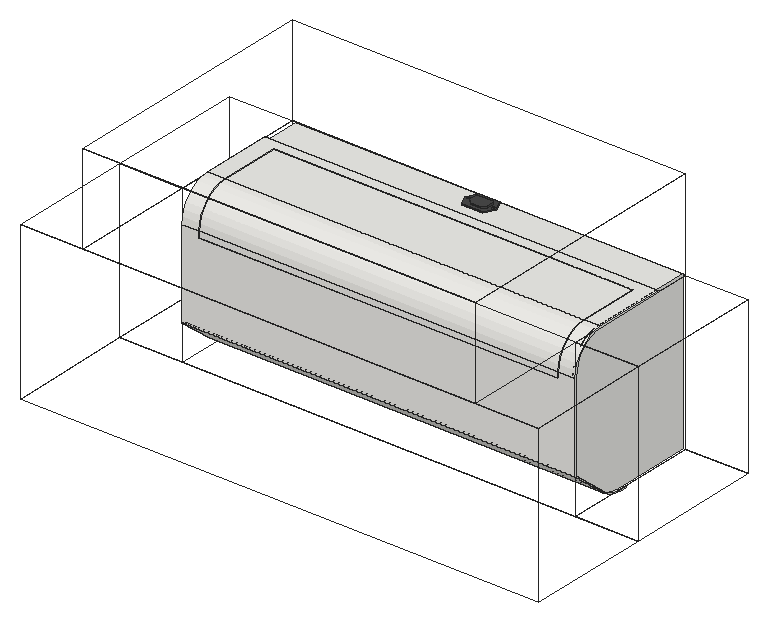
Revit family "191216_01_AIRTECNICS_AIR CURTAIN_COMPACT FLY_AIR ONLY (A)", category Mechanical Equipment, Revit 2016
Family settings
  Part Type = Normal
  Round Connector Dimension = Use Diameter
  OmniClass Number = 23.75.70.21.17
  OmniClass Title = Air Curtains
  Work Plane-Based = No
  Always vertical = Yes
  Cut with Voids When Loaded = No
  Shared = No
  Room Calculation Point = No
Parameters (values of type "COMPACT FLY 600 A")
  · POSITION · [instance] = "-/ Select Curtain Position /-"  # constant formula
  · OTHERS · [instance] = "-/ Select Supports - Inst.Maint. Space /-"  # constant formula
  · HEATING · = "-/ Select Heating /-"  # constant formula
  Weight [instance] = size_lookup(Name_Lookup_Data, "Weight", 1.00 kg, COD)  # 13.00 kg
  Wall Supports (Horizontal) [instance] = 1 = 1  # yes
  Voltage [instance] = 230 V  # constant formula
  URL_Manufacturer = "https://www.airtecnics.com/"
  URL_Datasheet = "https://www.airtecnics.com/download/file/8497/compact-fly.pdf"
  Revit Version = "Revit 2016 - English"  # constant formula
  Review Date = "12/19"  # constant formula
  URL = "https://www.airtecnics.com/products/air-curtain-compact-fly"
  Product Size = if(L = 600.0 mm, "600", if(L = 900.0 mm, "900", "Consult Manufacturer"))  # "600"
  Product Reference [instance] = if(L = 600.0 mm, "COMPACT FLY 600 A", if(L = 900.0 mm, "COMPACT FLY 900 A", "Consult Manufacturer"))  # "COMPACT FLY 600 A"
  Product Heating [instance] = "Only Air"  # constant formula
  Product Description [instance] = size_lookup(Name_Lookup_Data, "", "Consult Manufacturer", COD)  # "Specially designed for insects control at windows such as food establishments and industry, tollbooth and kiosks.\r\nHigh velocity air barrier to prevent flying insects from entering a building.\r\nValid for service windows according to NSF 37 standard.\r\nSelf-supporting casing construction made of galvanized steel plate, finished in structural epoxy-polyester painting white colour RAL9016 as standard. Other colours or stainless steel are available on request. \r\nLarge faceted inlet grille avoiding intensive maintenance. \r\nAnodized aluminium outlet vanes, airfoil shaped, adjustable in both directions.\r\nDouble-inlet centrifugal fans driven by an external rotor motor and low noise level. 2-speed selector (confort mode and fly mode). \r\n“A” type without heating, air only. \r\nIncluded regulation with infrared remote control and inbuilt keypad with leds.\r\nAir Volume: 1150 m3/h \r\nFans:  0,318 kW  1,43 A 230Vx1 50Hz\r\nDimensions: 220x250x600 mm (depth, height, length)"
  Power Fans Factor [instance] = 0.97  # constant formula
  Power Fans [instance] = size_lookup(Name_Lookup_Data, "Power Fans", 1 kW, COD)  # 0.318 kW
  Noise Level (dB(A)) [instance] = size_lookup(Name_Lookup_Data, "Noise Level (dB(A))", 1, COD)  # 67
  Name_Lookup_Data = "COMPACT FLY_(A)_Data_Lookup"  # constant formula
  Model = "Air Curtain Compact Fly A"  # constant formula
  Material Curtain [instance] = AIRTECNICS_White RAL 9016
  Length = L + 30.0 mm + Depth - Depth  # 630.0 mm
  Height = 250.0 mm  # constant formula
  Frequency = 50 Hz  # constant formula
  Fans Stage = 2  # constant formula
  Family Version = "1.0"  # constant formula
  Depth = 220.0 mm  # constant formula
  Current Fans [instance] = size_lookup(Name_Lookup_Data, "Current Fans", 1 A, COD)  # 1.43 A
  Created by = "BIMETRICAL"  # constant formula
  Control [instance] = "OPTW-BUTTONS"  # constant formula
  COD = 2
  Aspiration/Maintenance Space [instance] = yes
  Apparent Load [instance] = size_lookup(Name_Lookup_Data, "Apparent Load", 1 VA, COD)  # 329 VA
  Airflow [instance] = size_lookup(Name_Lookup_Data, "Airflow", 1 m³/h, COD)  # 1150 m³/h
  L = 600.0 mm
  Type Image = <None>
  IfcExportType = if(A, "CENTRIFUGALFORWARDCURVED", "ELECTRICALHEATINGCOIL")  # "CENTRIFUGALFORWARDCURVED"
  IfcExportAs = "IfcFanType"  # constant formula
  Horizontal [instance] = 1 = 1  # yes
  Manufacturer = "AIRTECNICS"  # constant formula
  Description = ""
  Type Comments = "Specially designed for insects control at windows such as food establishments and industry, tollbooth and kiosks.\r\nHigh velocity air barrier to prevent flying insects from entering a building.\r\nValid for service windows according to NSF 37 standard.\r\nSelf-supporting casing construction made of galvanized steel plate, finished in structural epoxy-polyester painting white colour RAL9016 as standard. Other colours or stainless steel are available on request.\r\nLarge faceted inlet grille avoiding intensive maintenance.\r\nAnodized aluminium outlet vanes, airfoil shaped, adjustable in both directions.\r\nDouble-inlet centrifugal fans driven by an external rotor motor and low noise level. 2-speed selector (confort mode and fly mode).\r\n“A” type without heating, air only.\r\nIncluded regulation with infrared remote control and inbuilt keypad with leds."  # constant formula
  BIMETRICAL Category = "Fan"  # constant formula
  BIMETRICAL = "http://www.bimetrical.com"  # constant formula
  A = 1 = 1  # yes
Types (2, lengths in mm): name | Weight | Product Size | Product Reference | Product Description | Power Fans | Noise Level (dB(A)) | Length | Current Fans | COD | Apparent Load | Airflow | L
  COMPACT FLY 600 A | 13.00 kg | "600" | "COMPACT FLY 600 A" | "Specially designed for insects control at windows such as food establishments and industry, tollbooth and kiosks.\r\nHigh velocity air barrier to prevent flying insects from entering a building.\r\nValid for service windows according to NSF 37 standard.\r\nSelf-supporting casing construction made of galvanized steel plate, finished in structural epoxy-polyester painting white colour RAL9016 as standard. Other colours or stainless steel are available on request. \r\nLarge faceted inlet grille avoiding intensive maintenance. \r\nAnodized aluminium outlet vanes, airfoil shaped, adjustable in both directions.\r\nDouble-inlet centrifugal fans driven by an external rotor motor and low noise level. 2-speed selector (confort mode and fly mode). \r\n“A” type without heating, air only. \r\nIncluded regulation with infrared remote control and inbuilt keypad with leds.\r\nAir Volume: 1150 m3/h \r\nFans:  0,318 kW  1,43 A 230Vx1 50Hz\r\nDimensions: 220x250x600 mm (depth, height, length)" | 0.318 kW | 67 | 630.0 | 1.43 A | 2 | 329 VA | 1150 m³/h | 600.0
  COMPACT FLY 900 A | 18.50 kg | "900" | "COMPACT FLY 900 A" | "Specially designed for insects control at windows such as food establishments and industry, tollbooth and kiosks.\r\nHigh velocity air barrier to prevent flying insects from entering a building.\r\nValid for service windows according to NSF 37 standard.\r\nSelf-supporting casing construction made of galvanized steel plate, finished in structural epoxy-polyester painting white colour RAL9016 as standard. Other colours or stainless steel are available on request. \r\nLarge faceted inlet grille avoiding intensive maintenance. \r\nAnodized aluminium outlet vanes, airfoil shaped, adjustable in both directions.\r\nDouble-inlet centrifugal fans driven by an external rotor motor and low noise level. 2-speed selector (confort mode and fly mode). \r\n“A” type without heating, air only. \r\nIncluded regulation with infrared remote control and inbuilt keypad with leds.\r\nAir Volume: 1725 m3/h \r\nFans:  0,477 kW  2,145 A 230Vx1 50Hz\r\nDimensions: 220x250x900 mm (depth, height, length)" | 0.477 kW | 68 | 930.0 | 2.15 A | 4 | 493 VA | 1725 m³/h | 900.0
Reference planes
  plane 1 "Centro (Frontal/Posterior)": z = 0
  plane 2: y = 246.57
  plane 3 "Centro (Izquierda/Derecha)": x = 0
Dimensions and locks
  aligned and locked: plane 1 "Centro (Frontal/Posterior)" to nested 1
  aligned and locked: plane 3 "Centro (Izquierda/Derecha)" to nested 1
Nested families
  nested 1: "GEOM_COMPACT FLY_(A)" at (0, 246.57, 0), type "GEOM_COMPACT FLY_(A)"
Connectors
  electrical at (0, 230.436, 253), driven by "Voltage", driven by "Apparent Load", driven by "Power Fans Factor"
    settings: on nested 1, index 3, voltage 230 V, apparent load 329 VA, apparent load phase1 0 VA, apparent load phase2 0 VA, apparent load phase3 0 VA, power factor 0.97, load classification "HVAC", number of poles 1, system type 30, power factor state 1, is connector primary yes, connector utility no, sub classification motor no, connector description ""
Definition of nested family "GEOM_COMPACT FLY_(A)"
  Parameters (values of type "GEOM_COMPACT FLY_(A)")
    Revit Version = "Revit 2016 - English"  # constant formula
    Review Date = "12/19"  # constant formula
    Model = "COMPACT FLY"  # constant formula
    Material Curtain = none
    Manufacturer = "AIRTECNICS"  # constant formula
    Li1 = 290.7 mm  # constant formula
    L1 = L + 30.0 mm  # 630.0 mm
    L = 600.0 mm
    Family Version = "1.0"  # constant formula
    Created by = "BIMETRICAL"  # constant formula
    BIMETRICAL = "http://www.bimetrical.com/"  # constant formula
    Aspiration/Maintenance Space = yes
  Reference planes
    plane 1 "Centro (Frontal/Posterior)": y = 0
    plane 2: z = 0
    plane 3 "Centro (Izquierda/Derecha)": x = 0
    plane 4: y = -80
    plane 5: x = -315
    plane 6: x = 315
    plane 7: x = -310
    plane 8: x = 310
    plane 9: x = -277
    plane 10: x = 277
    plane 11: x = 290
    plane 12: x = -290
    plane 13: x = -415
    plane 14: y = -220
    plane 15: y = -420
    plane 16: x = 415
    plane 17: z = 149.997
    plane 18: z = 350.008
    plane 19: z = 250
    plane 20: x = -287.5
    plane 21: x = 287.5
    plane 22: x = 277
    plane 23: z = 177
    plane 24: z = 47
    plane 25: x = -277
    plane 26: y = -5
  Forms (mm)
    Extrusion 1, solid, material <- "Material Curtain"
      sketch origin (-315, 426.698, 1300) x (0, 1, 0) y (0, 0, 1)
        loop
          line (-646.698, -1240.899) -> (-590.484, -1288.068)
          arc (-590.484, -1288.068) -> (-575.145, -1296.924) -> (-557.702, -1300) r 51
          line (-557.702, -1300) -> (-426.698, -1300) -> (-426.698, -1050) -> (-596.592, -1050)
          arc (-596.592, -1050) -> (-632.075, -1065.247) -> (-646.698, -1100.993) r 51
          line (-646.698, -1100.993) -> (-646.698, -1240.899)
      from 5 to 625
    Extrusion 2, solid, material <- "Material Curtain"
      sketch origin (-468, 451.073, 1300) x (0, 1, 0) y (0, 0, 1)
        loop
          line (-506.073, -1050) -> (-506.073, -1048.5) -> (-620.98, -1048.5)
          arc (-620.98, -1048.5) -> (-657.516, -1064.191) -> (-672.573, -1100.993) r 52.5
          line (-672.573, -1100.993) -> (-672.573, -1241.598) -> (-615.823, -1289.217)
          arc (-615.823, -1289.217) -> (-600.033, -1298.334) -> (-582.077, -1301.5) r 52.5
          line (-582.077, -1301.5) -> (-572.073, -1301.5) -> (-572.073, -1300) -> (-582.077, -1300)
          arc (-582.077, -1300) -> (-599.52, -1296.924) -> (-614.859, -1288.068) r 51
          line (-614.859, -1288.068) -> (-671.073, -1240.899) -> (-671.073, -1100.993)
          arc (-671.073, -1100.993) -> (-656.45, -1065.247) -> (-620.967, -1050) r 51
          line (-620.967, -1050) -> (-506.073, -1050)
      from 153 to 783
    Extrusion 3, void
      sketch origin (-310, -1564, 445.811) x (0, 0, 1) y (0, -1, 0)
        loop
          line (-407.081, -1493.65) -> (-419.543, -1493.65) -> (-428.262, -1499.298) -> (-445.811, -1499.298) -> (-445.811, -1550.5) -> (-428.317, -1550.5) -> (-418.249, -1555.75) -> (-407.081, -1555.75) -> (-407.081, -1493.65)
      from 20 to 600
    Extrusion 4, solid
      sketch origin (-310, -1524, 447.815) x (0, 0, 1) y (0, -1, 0)
        loop
          line (-423.762, -1492.86) -> (-442.292, -1489.681)
          arc (-442.292, -1489.681) -> (-447.815, -1494.338) -> (-442.292, -1498.995) r 4.725
          line (-442.292, -1498.995) -> (-423.762, -1495.816)
          arc (-423.762, -1495.816) -> (-422.515, -1494.338) -> (-423.762, -1492.86) r 1.5
        loop
          line (-442.292, -1479.113) -> (-423.762, -1475.935)
          arc (-423.762, -1475.935) -> (-422.515, -1474.456) -> (-423.762, -1472.978) r 1.5
          line (-423.762, -1472.978) -> (-442.292, -1469.799)
          arc (-442.292, -1469.799) -> (-447.815, -1474.456) -> (-442.292, -1479.113) r 4.725
      from 20 to 600
    Extrusion 5, solid, material <- "Material Curtain"
      sketch origin (410, -1564, 445.811) x (0, 0, 1) y (0, 1, 0)
        loop
          line (-407.081, 1550.5) -> (-445.811, 1550.5) -> (-445.811, 1499.298) -> (-407.081, 1499.298) -> (-407.081, 1550.5)
      from 120 to 122
    Extrusion 6, solid, material <- "Material Curtain"
      sketch origin (-290, -1564, 445.811) x (0, 0, 1) y (0, -1, 0)
        loop
          line (-407.081, -1550.5) -> (-407.081, -1499.298) -> (-445.811, -1499.298) -> (-445.811, -1550.5) -> (-407.081, -1550.5)
      from 0 to 2
    Extrusion 7, solid, visible <- "Aspiration/Maintenance Space"
      sketch origin (-571.618, -120, 100) x (1, 0, 0) y (0, 0, 1)
        loop
          line (156.618, -100) -> (256.618, -100) -> (256.618, 150) -> (156.618, 150) -> (156.618, -100)
      from -120 to 100
    Extrusion 8, solid, visible <- "Aspiration/Maintenance Space"
      sketch origin (-134.6, -383.477, 585.253) x (1, 0, 0) y (0, 0, 1)
        loop
          line (-280.4, -585.253) -> (549.6, -585.253) -> (549.6, -335.253) -> (-280.4, -335.253) -> (-280.4, -585.253)
      from -163.477 to 36.523
    Extrusion 9, solid, visible <- "Aspiration/Maintenance Space"
      sketch origin (695.518, -143.729, 100) x (1, 0, 0) y (0, 0, 1)
        loop
          line (-380.518, -100) -> (-280.518, -100) -> (-280.518, 150) -> (-380.518, 150) -> (-380.518, -100)
      from -143.729 to 76.271
    Extrusion 10, solid, visible <- "Aspiration/Maintenance Space"
      sketch origin (102.12, -499.179, 237.888) x (1, 0, 0) y (0, 0, 1)
        loop
          line (-417.12, 12.112) -> (212.88, 12.112) -> (212.88, 157.122) -> (-417.12, 157.122) -> (-417.12, 12.112)
      from -499.179 to -79.179
    Extrusion 11, solid
      sketch origin (-468, 451.073, 1300) x (0, 1, 0) y (0, 0, 1)
        loop
          line (-523.073, -1050) -> (-523.073, -1048.5) -> (-620.98, -1048.5)
          arc (-620.98, -1048.5) -> (-657.516, -1064.191) -> (-672.573, -1100.993) r 52.5
          line (-672.573, -1100.993) -> (-672.573, -1110) -> (-671.073, -1110) -> (-671.073, -1100.993)
          arc (-671.073, -1100.993) -> (-656.45, -1065.247) -> (-620.967, -1050) r 51
          line (-620.967, -1050) -> (-523.073, -1050)
      from 180.5 to 755.5
    Extrusion 12, void
      sketch origin (-413, 451.073, 1300) x (0, 1, 0) y (0, 0, 1)
        loop
          line (-523.073, -1050) -> (-523.073, -1048.5) -> (-620.98, -1048.5)
          arc (-620.98, -1048.5) -> (-657.516, -1064.191) -> (-672.573, -1100.993) r 52.5
          line (-672.573, -1100.993) -> (-672.573, -1110) -> (-671.073, -1110) -> (-671.073, -1100.993)
          arc (-671.073, -1100.993) -> (-656.45, -1065.247) -> (-620.967, -1050) r 51
          line (-620.967, -1050) -> (-523.073, -1050)
      from 125.5 to 700.5
    Extrusion 13, solid
      sketch origin (-1204.232, -1524, 100) x (-1, 0, 0) y (0, -1, 0)
        loop
          line (-1187.232, -1524) -> (-1178.23, -1506.998) -> (-1187.232, -1489.995) -> (-1221.231, -1489.995) -> (-1230.233, -1506.998) -> (-1221.231, -1524) -> (-1187.232, -1524)
        loop
          line (-1190.233, -1514.489) -> (-1190.233, -1502.892) -> (-1196.028, -1497.098) -> (-1212.435, -1497.098) -> (-1218.23, -1502.892) -> (-1218.23, -1514.489) -> (-1215.73, -1516.989) -> (-1192.733, -1516.989) -> (-1190.233, -1514.489)
        loop
          circle (-1224.232, -1506.998) r 1.4
        loop
          circle (-1184.232, -1506.998) r 1.4
      from 150 to 151
    Extrusion 14, solid
      sketch origin (-1204.232, -1524, 100) x (-1, 0, 0) y (0, -1, 0)
        loop
          line (-1190.233, -1502.892) -> (-1196.028, -1497.098) -> (-1212.435, -1497.098) -> (-1218.23, -1502.892) -> (-1218.23, -1514.489) -> (-1215.73, -1516.989) -> (-1192.733, -1516.989) -> (-1190.233, -1514.489) -> (-1190.233, -1502.892)
      from 150 to 153
    Extrusion 15, void
      sketch origin (-1804.898, 80, 1200) x (-1, 0, 0) y (0, 0, 1)
        loop
          circle (-2081.898, -1153) r 6.65
        loop
          circle (-2081.898, -1023) r 6.65
        loop
          circle (-1527.898, -1153) r 6.65
        loop
          circle (-1527.898, -1023) r 6.65
      from -85 to -80
    Extrusion 16, solid, material <- "Material Curtain"
      sketch origin (839.685, 1435.762, -3) x (0, 1, 0) y (-1, 0, 0)
        loop
          arc (-1529.763, 860.985) -> (-1530.641, 863.106) -> (-1532.763, 863.985) r 3
          line (-1532.763, 863.985) -> (-1553.763, 863.985)
          arc (-1553.763, 863.985) -> (-1555.884, 863.106) -> (-1556.763, 860.985) r 3
          line (-1556.763, 860.985) -> (-1556.763, 800.461)
          arc (-1556.763, 800.461) -> (-1555.884, 798.34) -> (-1553.763, 797.461) r 3
          line (-1553.763, 797.461) -> (-1532.763, 797.461)
          arc (-1532.763, 797.461) -> (-1530.641, 798.34) -> (-1529.763, 800.461) r 3
          line (-1529.763, 800.461) -> (-1529.763, 860.985)
      from -2 to -3
    Extrusion 17, solid
      sketch origin (-303.285, 1435.762, -2.75) x (0, 1, 0) y (1, 0, 0)
        loop
          line (-1549.615, 304.198) -> (-1549.056, 302.121) -> (-1548.269, 302.061) -> (-1548.098, 304.291) -> (-1549.615, 304.198)
        loop
          line (-1549.234, 301.721) -> (-1551.205, 302.748) -> (-1551.911, 300.772) -> (-1550.773, 301.163) -> (-1549.604, 301.01) -> (-1549.234, 301.721)
        loop
          line (-1549.332, 300.833) -> (-1551.151, 299.014) -> (-1549.077, 298.214) -> (-1549.156, 299.072) -> (-1548.724, 300.226) -> (-1549.332, 300.833)
        loop
          line (-1548.443, 300.46) -> (-1547.444, 298.182) -> (-1545.928, 299.422) -> (-1547.613, 300.773) -> (-1548.443, 300.46)
        loop
          line (-1547.727, 301.159) -> (-1545.538, 301.595) -> (-1546.237, 303.285) -> (-1547.355, 302.2) -> (-1547.727, 301.159)
        loop
          circle (-1540.348, 290.609) r 2.501
        loop
          circle (-1540.348, 301.009) r 2.501
        loop
          circle (-1540.348, 331.243) r 5.8
        loop
          line (-1550.78, 330.84) -> (-1550.78, 331.64) -> (-1554.155, 331.64) -> (-1554.155, 330.84) -> (-1550.78, 330.84)
        loop
          line (-1553.256, 330.401) -> (-1552.456, 330.401)
          arc (-1552.456, 330.401) -> (-1549.201, 331.272) -> (-1552.486, 332.023) r 1.736
          line (-1552.486, 332.023) -> (-1553.276, 332.023)
          arc (-1553.276, 332.023) -> (-1548.47, 331.27) -> (-1553.256, 330.401) r 2.467
        loop
          spline (-1545.924, 290.629) -> (-1545.984, 290.896) -> (-1546.159, 291.145) -> (-1546.439, 291.358) -> (-1546.803, 291.522) -> (-1547.226, 291.625) -> (-1547.681, 291.661) -> (-1548.136, 291.625) -> (-1548.56, 291.522) -> (-1548.924, 291.358) -> (-1549.203, 291.145) -> (-1549.379, 290.896) -> (-1549.439, 290.629)
          spline (-1549.439, 290.629) -> (-1549.379, 290.361) -> (-1549.203, 290.112) -> (-1548.924, 289.899) -> (-1548.56, 289.735) -> (-1548.136, 289.632) -> (-1547.681, 289.596) -> (-1547.226, 289.632) -> (-1546.803, 289.735) -> (-1546.439, 289.899) -> (-1546.159, 290.112) -> (-1545.984, 290.361) -> (-1545.924, 290.629)
        loop
          line (-1550.283, 290.13) -> (-1550.283, 291.057)
          arc (-1550.283, 291.057) -> (-1550.474, 290.594) -> (-1550.283, 290.13) r 0.661
        loop
          arc (-1550.778, 289.635) -> (-1551.174, 290.594) -> (-1550.778, 291.552) r 1.361
          line (-1550.778, 291.552) -> (-1551.363, 292.075)
          arc (-1551.363, 292.075) -> (-1551.991, 290.594) -> (-1551.363, 289.113) r 2.061
          line (-1551.363, 289.113) -> (-1550.778, 289.635)
        loop
          arc (-1551.807, 288.645) -> (-1552.613, 290.594) -> (-1551.807, 292.542) r 2.761
          line (-1551.807, 292.542) -> (-1552.36, 293.095)
          arc (-1552.36, 293.095) -> (-1553.43, 290.594) -> (-1552.36, 288.092) r 3.461
          line (-1552.36, 288.092) -> (-1551.807, 288.645)
        loop
          circle (-1540.348, 331.243) r 5.55
        loop
          circle (-1540.348, 331.243) r 5.05
      from -2 to -1.5
    Extrusion 18, solid, material <- "Material Curtain", not visible
      sketch origin (821.773, 1435.762, -3) x (0, 1, 0) y (-1, 0, 0)
        loop
          arc (-1529.763, 860.985) -> (-1530.641, 863.106) -> (-1532.763, 863.985) r 3
          line (-1532.763, 863.985) -> (-1553.763, 863.985)
          arc (-1553.763, 863.985) -> (-1555.884, 863.106) -> (-1556.763, 860.985) r 3
          line (-1556.763, 860.985) -> (-1556.763, 800.461)
          arc (-1556.763, 800.461) -> (-1555.884, 798.34) -> (-1553.763, 797.461) r 3
          line (-1553.763, 797.461) -> (-1532.763, 797.461)
          arc (-1532.763, 797.461) -> (-1530.641, 798.34) -> (-1529.763, 800.461) r 3
          line (-1529.763, 800.461) -> (-1529.763, 860.985)
      from -2 to -3
    Extrusion 19, solid, not visible
      sketch origin (-321.196, 1435.762, -2.75) x (0, 1, 0) y (1, 0, 0)
        loop
          line (-1549.615, 304.198) -> (-1549.056, 302.121) -> (-1548.269, 302.061) -> (-1548.098, 304.291) -> (-1549.615, 304.198)
        loop
          line (-1549.234, 301.721) -> (-1551.205, 302.748) -> (-1551.911, 300.772) -> (-1550.773, 301.163) -> (-1549.604, 301.01) -> (-1549.234, 301.721)
        loop
          line (-1549.332, 300.833) -> (-1551.151, 299.014) -> (-1549.077, 298.214) -> (-1549.156, 299.072) -> (-1548.724, 300.226) -> (-1549.332, 300.833)
        loop
          line (-1548.443, 300.46) -> (-1547.444, 298.182) -> (-1545.928, 299.422) -> (-1547.613, 300.773) -> (-1548.443, 300.46)
        loop
          line (-1547.727, 301.159) -> (-1545.538, 301.595) -> (-1546.237, 303.285) -> (-1547.355, 302.2) -> (-1547.727, 301.159)
        loop
          circle (-1540.348, 290.609) r 2.501
        loop
          circle (-1540.348, 301.009) r 2.501
        loop
          circle (-1540.348, 331.243) r 5.8
        loop
          line (-1550.78, 330.84) -> (-1550.78, 331.64) -> (-1554.155, 331.64) -> (-1554.155, 330.84) -> (-1550.78, 330.84)
        loop
          line (-1553.256, 330.401) -> (-1552.456, 330.401)
          arc (-1552.456, 330.401) -> (-1549.201, 331.272) -> (-1552.486, 332.023) r 1.736
          line (-1552.486, 332.023) -> (-1553.276, 332.023)
          arc (-1553.276, 332.023) -> (-1548.47, 331.27) -> (-1553.256, 330.401) r 2.467
        loop
          spline (-1545.924, 290.629) -> (-1545.984, 290.896) -> (-1546.159, 291.145) -> (-1546.439, 291.358) -> (-1546.803, 291.522) -> (-1547.226, 291.625) -> (-1547.681, 291.661) -> (-1548.136, 291.625) -> (-1548.56, 291.522) -> (-1548.924, 291.358) -> (-1549.203, 291.145) -> (-1549.379, 290.896) -> (-1549.439, 290.629)
          spline (-1549.439, 290.629) -> (-1549.379, 290.361) -> (-1549.203, 290.112) -> (-1548.924, 289.899) -> (-1548.56, 289.735) -> (-1548.136, 289.632) -> (-1547.681, 289.596) -> (-1547.226, 289.632) -> (-1546.803, 289.735) -> (-1546.439, 289.899) -> (-1546.159, 290.112) -> (-1545.984, 290.361) -> (-1545.924, 290.629)
        loop
          line (-1550.283, 290.13) -> (-1550.283, 291.057)
          arc (-1550.283, 291.057) -> (-1550.474, 290.594) -> (-1550.283, 290.13) r 0.661
        loop
          arc (-1550.778, 289.635) -> (-1551.174, 290.594) -> (-1550.778, 291.552) r 1.361
          line (-1550.778, 291.552) -> (-1551.363, 292.075)
          arc (-1551.363, 292.075) -> (-1551.991, 290.594) -> (-1551.363, 289.113) r 2.061
          line (-1551.363, 289.113) -> (-1550.778, 289.635)
        loop
          arc (-1551.807, 288.645) -> (-1552.613, 290.594) -> (-1551.807, 292.542) r 2.761
          line (-1551.807, 292.542) -> (-1552.36, 293.095)
          arc (-1552.36, 293.095) -> (-1553.43, 290.594) -> (-1552.36, 288.092) r 3.461
          line (-1552.36, 288.092) -> (-1551.807, 288.645)
        loop
          circle (-1540.348, 331.243) r 5.55
        loop
          circle (-1540.348, 331.243) r 5.05
      from -2 to -1.5
  Cuts and joins
    Extrusion 3, Extrusion 12 cuts Extrusion 2
    Extrusion 3, Extrusion 15 cuts Extrusion 1
  Lines and regions (mm)
    symbolic lines, visible <- "Aspiration/Maintenance Space"
      curve 1: line (-315, 0, 0) -> (-415, 0, 0)
      curve 2: line (-415, 0, 0) -> (-415, 0, 250)
      curve 3: line (-415, 0, 250) -> (-315, 0, 250)
      curve 4: line (-315, 0, 250) -> (-315, 0, 395.01)
      curve 5: line (-315, 0, 395.01) -> (315, 0, 395.01)
      curve 6: line (315, 0, 395.01) -> (315, 0, 250)
      curve 7: line (315, 0, 250) -> (415, 0, 250)
      curve 8: line (415, 0, 250) -> (415, 0, 0)
      curve 9: line (415, 0, 0) -> (315, 0, 0)
      curve 16: line (415, -420, 100) -> (-415, -420, 100)
      curve 17: line (-415, -420, 100) -> (-415, 0, 100)
      curve 18: line (-415, 0, 100) -> (-310, 0, 100)
      curve 19: line (415, -420, 100) -> (415, 0, 100)
      curve 20: line (415, 0, 100) -> (310, 0, 100)
    symbolic lines
      curve 10: line (310, 0, 100) -> (-310, 0, 100)
      curve 11: line (-310, 0, 100) -> (-310, -55.001, 100)
      curve 12: line (-315, -55.001, 100) -> (315, -55.001, 100)
      curve 13: line (315, -55.001, 100) -> (315, -221.501, 100)
      curve 14: line (315, -221.501, 100) -> (-315, -221.501, 100)
      curve 15: line (-315, -221.501, 100) -> (-315, -55.001, 100)
      curve 21: line (310, 0, 100) -> (310, -55.001, 100)
      curve 22: line (-287.5, -221.501, 100) -> (-287.5, -72.001, 100)
      curve 23: line (-287.5, -72.001, 100) -> (287.5, -72.001, 100)
      curve 24: line (287.5, -72.001, 100) -> (287.5, -221.501, 100)
      curve 25: line (0, 0, 250) -> (0, 0, 395.01)
      curve 26: line (0, 0, 395.01) -> (0, -420, 395.01)
      curve 27: line (0, -420, 395.01) -> (0, -420, 0)
      curve 28: line (0, -420, 0) -> (0, -143.464, 0)
  Dimensions and locks
    equal spacing: plane 5, plane 3 "Centro (Izquierda/Derecha)", plane 6
    plane 1 "Centro (Frontal/Posterior)" to plane 4 = 80.0 mm
    "L1": plane 5 to plane 6
    locked: plane 5 to plane 7 at 5
    locked: plane 8 to plane 6 at 5
    locked: plane 5 to plane 9 at 38
    locked: plane 10 to plane 6 at 38
    locked: plane 11 to plane 6 at 25
    locked: plane 5 to plane 12 at 25
    locked: plane 13 to plane 5 at 100
    locked: plane 6 to plane 16 at 100
    locked: plane 15 to plane 14 at 200
    locked: plane 14 to plane 1 "Centro (Frontal/Posterior)" at 220
    plane 19 to plane 2 = 250.0 mm
    Extrusion 8 to plane 2 = 0.0 mm
    locked: plane 5 to plane 20 at 27.5
    locked: plane 21 to plane 6 at 27.5
    locked: plane 12 to Extrusion 6 at 2
    locked: Extrusion 5 to plane 11 at 2
    locked: plane 6 to plane 22 at 38
    locked: plane 25 to plane 5 at 38
    locked: plane 23 to plane 19 at 73
    locked: plane 2 to plane 24 at 47
    locked: plane 26 to plane 1 "Centro (Frontal/Posterior)" at 5
    locked: Extrusion 16 sketch curve to Extrusion 16 sketch curve at 66.523
    locked: Extrusion 16 sketch curve to Extrusion 16 sketch curve at 27
    locked: Extrusion 18 sketch curve to Extrusion 18 sketch curve at 66.523
    locked: Extrusion 18 sketch curve to Extrusion 18 sketch curve at 27
    "Li1": plane 5 to Extrusion 16
    aligned and locked: level to plane 2
    aligned and locked: plane 6 to cut or joined group of Extrusion 2, Extrusion 3, Extrusion 12
    aligned and locked: cut or joined group of Extrusion 2, Extrusion 3, Extrusion 12 to plane 5
    aligned and locked: cut or joined group of Extrusion 1, Extrusion 3, Extrusion 15 to plane 7
    aligned and locked: plane 8 to cut or joined group of Extrusion 1, Extrusion 3, Extrusion 15
    aligned and locked: cut or joined group of Extrusion 1, Extrusion 3, Extrusion 15 to plane 12
    aligned and locked: cut or joined group of Extrusion 1, Extrusion 3, Extrusion 15 to plane 11
    aligned and locked: Extrusion 4 to plane 11
    aligned and locked: Extrusion 5 to plane 11
    aligned and locked: Extrusion 6 to plane 12
    aligned and locked: Extrusion 4 to plane 12
    aligned and locked: plane 5 to Extrusion 7
    aligned and locked: plane 14 to Extrusion 7
    aligned and locked: Extrusion 7 to plane 13
    aligned and locked: Extrusion 7 to plane 1 "Centro (Frontal/Posterior)"
    aligned and locked: Extrusion 8 to plane 13
    aligned and locked: Extrusion 8 to plane 16
    aligned and locked: Extrusion 8 to plane 14
    aligned and locked: plane 15 to Extrusion 8
    aligned and locked: Extrusion 9 to plane 1 "Centro (Frontal/Posterior)"
    aligned and locked: Extrusion 9 to plane 6
    aligned and locked: Extrusion 9 to plane 16
    aligned and locked: plane 14 to Extrusion 9
    aligned and locked: Extrusion 10 to plane 1 "Centro (Frontal/Posterior)"
    aligned and locked: plane 15 to Extrusion 10
    aligned and locked: plane 19 to Extrusion 8
    aligned and locked: Extrusion 7 to plane 2
    aligned and locked: Extrusion 9 to plane 2
    aligned and locked: plane 19 to Extrusion 7
    aligned and locked: plane 19 to Extrusion 9
    aligned and locked: plane 6 to Extrusion 10
    aligned and locked: Extrusion 10 to plane 5
    aligned and locked: Extrusion 11 to plane 20
    aligned and locked: Extrusion 12 to plane 20
    aligned and locked: Extrusion 12 to plane 21
    aligned and locked: Extrusion 11 to plane 21
    aligned and locked: Extrusion 14 to plane 19
    aligned and locked: Extrusion 13 to plane 19
    aligned and locked: plane 22 to Extrusion 15 sketch curve  (x2)
    aligned and locked: plane 24 to Extrusion 15 sketch curve  (x2)
    aligned and locked: plane 23 to Extrusion 15 sketch curve  (x2)
    aligned and locked: plane 25 to Extrusion 15 sketch curve  (x2)
    aligned and locked: plane 26 to Extrusion 15
    aligned and locked: Extrusion 15 to plane 1 "Centro (Frontal/Posterior)"
  Automatic sketch dimensions
    curve 28 to level = 0.0 mm
    curve 28 to plane 15 = 0.0 mm
    curve 26 to plane 1 "Centro (Frontal/Posterior)" = 0.0 mm
    curve 25 to plane 19 = 0.0 mm
    plane 18 to curve 27 = 45.003 mm
    plane 4 to curve 28 = 63.464 mm
    curve 1 to level = 0.0 mm
    curve 1 to plane 13 = 0.0 mm
    curve 1 to plane 5 = 0.0 mm
    curve 3 to plane 5 = 0.0 mm
    curve 5 to plane 6 = 0.0 mm
    curve 9 to level = 0.0 mm
    curve 9 to plane 6 = 0.0 mm
    plane 16 to curve 8 = 0.0 mm
    curve 4 to plane 19 = 0.0 mm
    curve 8 to plane 19 = 0.0 mm
    plane 18 to curve 5 = 45.003 mm
    Extrusion 1 sketch curve to plane 19 = 0.0 mm
    Extrusion 1 sketch curve to level = 0.0 mm
    Extrusion 1 sketch curve to plane 1 "Centro (Frontal/Posterior)" = 0.0 mm
    plane 4 to Extrusion 1 sketch curve = 51.004 mm
    level to Extrusion 1 sketch curve = 11.932 mm
    Extrusion 1 sketch curve to Extrusion 1 sketch curve = 32.782 mm
    Extrusion 1 sketch curve to plane 14 = 51.0 mm
    Extrusion 1 sketch curve to plane 14 = 50.106 mm
    plane 14 to Extrusion 1 sketch curve = 0.001 mm
    plane 24 to Extrusion 1 sketch curve = 12.101 mm
    Extrusion 2 sketch curve to Extrusion 2 sketch curve = 0.0 mm  (x4)
    Extrusion 2 sketch curve to plane 19 = 0.0 mm
    Extrusion 2 sketch curve to level = 0.0 mm
    plane 14 to Extrusion 2 sketch curve = 1.501 mm
    plane 14 to Extrusion 2 sketch curve = 0.001 mm
    plane 19 to Extrusion 2 sketch curve = 1.5 mm
    Extrusion 2 sketch curve to plane 14 = 50.093 mm
    Extrusion 2 sketch curve to Extrusion 2 sketch curve = 0.013 mm
    level to Extrusion 2 sketch curve = 10.783 mm
    Extrusion 2 sketch curve to plane 14 = 55.25 mm
    level to Extrusion 2 sketch curve = 11.932 mm
    Extrusion 2 sketch curve to Extrusion 2 sketch curve = 0.964 mm
    plane 24 to Extrusion 2 sketch curve = 4.0 mm
    Extrusion 2 sketch curve to Extrusion 2 sketch curve = 10.003 mm
    Extrusion 2 sketch curve to plane 4 = 24.999 mm
    plane 24 to Extrusion 2 sketch curve = 11.402 mm
    Extrusion 2 sketch curve to Extrusion 2 sketch curve = 0.699 mm
    Extrusion 3 sketch curve to level = 0.0 mm
    plane 26 to Extrusion 3 sketch curve = 8.5 mm
    Extrusion 3 sketch curve to Extrusion 3 sketch curve = 17.494 mm
    Extrusion 3 sketch curve to Extrusion 3 sketch curve = 17.549 mm
    Extrusion 3 sketch curve to plane 4 = 9.65 mm
    Extrusion 3 sketch curve to Extrusion 3 sketch curve = 8.719 mm
    plane 26 to Extrusion 3 sketch curve = 3.25 mm
    Extrusion 3 sketch curve to Extrusion 3 sketch curve = 10.068 mm
    Extrusion 3 sketch curve to plane 24 = 8.27 mm
    Extrusion 3 sketch curve to plane 4 = 15.298 mm
    level to Extrusion 4 sketch curve = 4.725 mm  (x2)
    Extrusion 4 sketch curve to Extrusion 4 sketch curve = 0.799 mm  (x4)
    Extrusion 4 sketch curve to Extrusion 4 sketch curve = 18.276 mm  (x2)
    Extrusion 4 sketch curve to Extrusion 4 sketch curve = 0.254 mm  (x4)
    plane 26 to Extrusion 4 sketch curve = 20.005 mm
    Extrusion 4 sketch curve to Extrusion 4 sketch curve = 3.179 mm
    Extrusion 4 sketch curve to Extrusion 4 sketch curve = 1.478 mm  (x2)
    Extrusion 4 sketch curve to Extrusion 4 sketch curve = 4.657 mm  (x2)
    Extrusion 4 sketch curve to Extrusion 4 sketch curve = 10.568 mm
    Extrusion 4 sketch curve to Extrusion 4 sketch curve = 16.925 mm
    plane 15 to curve 16 = 0.0 mm
    curve 16 to plane 16 = 0.0 mm
    curve 14 to plane 6 = 0.0 mm
    plane 1 "Centro (Frontal/Posterior)" to curve 20 = 0.0 mm
    curve 20 to plane 8 = 0.0 mm
    curve 24 to plane 21 = 0.0 mm
    curve 22 to plane 20 = 0.0 mm
    curve 18 to plane 7 = 0.0 mm
    curve 14 to plane 5 = 0.0 mm
    curve 18 to plane 13 = 0.0 mm
    curve 12 to plane 4 = 24.999 mm
    curve 23 to plane 4 = 7.999 mm
    plane 14 to curve 15 = 1.501 mm
    Extrusion 5 sketch curve to level = 0.0 mm
    Extrusion 5 sketch curve to plane 24 = 8.27 mm
    Extrusion 5 sketch curve to plane 4 = 15.298 mm
    plane 26 to Extrusion 5 sketch curve = 8.5 mm
    Extrusion 6 sketch curve to level = 0.0 mm
    Extrusion 6 sketch curve to plane 24 = 8.27 mm
    plane 26 to Extrusion 6 sketch curve = 8.5 mm
    Extrusion 6 sketch curve to plane 4 = 15.298 mm
    Extrusion 7 sketch curve to plane 13 = 0.0 mm
    Extrusion 7 sketch curve to plane 5 = 0.0 mm
    Extrusion 7 sketch curve to level = 0.0 mm
    Extrusion 7 sketch curve to plane 19 = 0.0 mm
    Extrusion 8 sketch curve to plane 13 = 0.0 mm
    plane 16 to Extrusion 8 sketch curve = 0.0 mm
    Extrusion 8 sketch curve to level = 0.0 mm
    Extrusion 8 sketch curve to plane 19 = 0.0 mm
    Extrusion 9 sketch curve to plane 6 = 0.0 mm
    plane 16 to Extrusion 9 sketch curve = 0.0 mm
    Extrusion 9 sketch curve to level = 0.0 mm
    Extrusion 9 sketch curve to plane 19 = 0.0 mm
    Extrusion 10 sketch curve to plane 5 = 0.0 mm
    Extrusion 10 sketch curve to plane 6 = 0.0 mm
    Extrusion 10 sketch curve to plane 19 = 0.0 mm
    plane 18 to Extrusion 10 sketch curve = 45.003 mm
    Extrusion 11 sketch curve to Extrusion 11 sketch curve = 0.0 mm  (x2)
    Extrusion 11 sketch curve to plane 19 = 0.0 mm
    plane 14 to Extrusion 11 sketch curve = 1.501 mm
    plane 14 to Extrusion 11 sketch curve = 0.001 mm
    plane 19 to Extrusion 11 sketch curve = 1.5 mm
    Extrusion 11 sketch curve to plane 14 = 50.093 mm
    Extrusion 11 sketch curve to Extrusion 11 sketch curve = 0.013 mm
    Extrusion 11 sketch curve to plane 4 = 7.999 mm
    Extrusion 11 sketch curve to Extrusion 11 sketch curve = 9.007 mm
    Extrusion 12 sketch curve to Extrusion 12 sketch curve = 0.0 mm  (x2)
    Extrusion 12 sketch curve to plane 19 = 0.0 mm
    plane 14 to Extrusion 12 sketch curve = 1.501 mm
    plane 14 to Extrusion 12 sketch curve = 0.001 mm
    plane 19 to Extrusion 12 sketch curve = 1.5 mm
    Extrusion 12 sketch curve to plane 14 = 50.093 mm
    Extrusion 12 sketch curve to Extrusion 12 sketch curve = 0.013 mm
    Extrusion 12 sketch curve to plane 4 = 7.999 mm
    Extrusion 12 sketch curve to Extrusion 12 sketch curve = 9.007 mm
    plane 1 "Centro (Frontal/Posterior)" to Extrusion 13 sketch curve = 0.0 mm
    plane 26 to Extrusion 13 sketch curve = 12.002 mm  (x2)
    plane 3 "Centro (Izquierda/Derecha)" to Extrusion 13 sketch curve = 26.002 mm
    Extrusion 13 sketch curve to Extrusion 13 sketch curve = 6.002 mm  (x4)
    plane 3 "Centro (Izquierda/Derecha)" to Extrusion 13 sketch curve = 16.999 mm  (x2)
    plane 26 to Extrusion 13 sketch curve = 4.511 mm
    Extrusion 13 sketch curve to Extrusion 13 sketch curve = 2.5 mm  (x2)
    Extrusion 13 sketch curve to Extrusion 13 sketch curve = 5.795 mm  (x3)
    Extrusion 13 sketch curve to plane 3 "Centro (Izquierda/Derecha)" = 8.204 mm
    plane 26 to Extrusion 13 sketch curve = 2.011 mm
    Extrusion 13 sketch curve to plane 3 "Centro (Izquierda/Derecha)" = 11.498 mm
    Extrusion 13 sketch curve to Extrusion 13 sketch curve = 8.796 mm
    Extrusion 13 sketch curve to Extrusion 13 sketch curve = 5.501 mm
    Extrusion 13 sketch curve to Extrusion 13 sketch curve = 0.0 mm  (x2)
    Extrusion 13 sketch curve to Extrusion 13 sketch curve = 4.105 mm  (x2)
    Extrusion 13 sketch curve to Extrusion 13 sketch curve = 7.102 mm
    plane 26 to Extrusion 14 sketch curve = 4.511 mm
    plane 3 "Centro (Izquierda/Derecha)" to Extrusion 14 sketch curve = 13.998 mm
    Extrusion 14 sketch curve to Extrusion 14 sketch curve = 2.5 mm  (x2)
    Extrusion 14 sketch curve to Extrusion 14 sketch curve = 5.795 mm  (x3)
    Extrusion 14 sketch curve to plane 3 "Centro (Izquierda/Derecha)" = 8.204 mm
    plane 26 to Extrusion 14 sketch curve = 2.011 mm
    Extrusion 14 sketch curve to plane 3 "Centro (Izquierda/Derecha)" = 11.498 mm
    Extrusion 14 sketch curve to Extrusion 14 sketch curve = 11.597 mm  (x2)
    Extrusion 16 sketch curve to Extrusion 16 sketch curve = 3.0 mm  (x3)
    Extrusion 16 sketch curve to Extrusion 16 sketch curve = 21.0 mm
    Extrusion 17 sketch curve to Extrusion 17 sketch curve = 0.0 mm  (x22)
    Extrusion 17 sketch curve to Extrusion 17 sketch curve = 0.879 mm
    Extrusion 17 sketch curve to Extrusion 17 sketch curve = 0.898 mm
    Extrusion 17 sketch curve to Extrusion 17 sketch curve = 0.79 mm
    Extrusion 17 sketch curve to Extrusion 17 sketch curve = 0.8 mm
    Extrusion 17 sketch curve to Extrusion 17 sketch curve = 0.45 mm
    Extrusion 17 sketch curve to Extrusion 17 sketch curve = 0.553 mm  (x3)
    Extrusion 17 sketch curve to Extrusion 17 sketch curve = 0.445 mm  (x2)
    Extrusion 17 sketch curve to Extrusion 17 sketch curve = 0.706 mm
    Extrusion 17 sketch curve to Extrusion 17 sketch curve = 0.76 mm
    Extrusion 17 sketch curve to Extrusion 17 sketch curve = 0.156 mm
    Extrusion 17 sketch curve to Extrusion 17 sketch curve = 0.584 mm  (x2)
    Extrusion 17 sketch curve to Extrusion 17 sketch curve = 1.137 mm
    Extrusion 17 sketch curve to Extrusion 17 sketch curve = 0.495 mm  (x2)
    Extrusion 17 sketch curve to Extrusion 17 sketch curve = 0.314 mm
    Extrusion 17 sketch curve to Extrusion 17 sketch curve = 0.039 mm  (x2)
    Extrusion 17 sketch curve to Extrusion 17 sketch curve = 0.078 mm
    Extrusion 17 sketch curve to Extrusion 17 sketch curve = 1.59 mm
    Extrusion 17 sketch curve to Extrusion 17 sketch curve = 1.169 mm
    Extrusion 17 sketch curve to Extrusion 17 sketch curve = 0.272 mm
    Extrusion 17 sketch curve to Extrusion 17 sketch curve = 0.37 mm
    Extrusion 17 sketch curve to Extrusion 17 sketch curve = 0.176 mm
    Extrusion 17 sketch curve to Extrusion 17 sketch curve = 0.079 mm  (x2)
    Extrusion 17 sketch curve to Extrusion 17 sketch curve = 0.178 mm
    Extrusion 17 sketch curve to Extrusion 17 sketch curve = 0.608 mm
    Extrusion 17 sketch curve to Extrusion 17 sketch curve = 0.282 mm
    Extrusion 17 sketch curve to Extrusion 17 sketch curve = 0.787 mm
    Extrusion 17 sketch curve to Extrusion 17 sketch curve = 1.517 mm
    Extrusion 17 sketch curve to Extrusion 17 sketch curve = 0.716 mm
    Extrusion 17 sketch curve to Extrusion 17 sketch curve = 0.114 mm
    Extrusion 17 sketch curve to Extrusion 17 sketch curve = 1.633 mm
    Extrusion 17 sketch curve to Extrusion 17 sketch curve = 0.914 mm
    Extrusion 17 sketch curve to Extrusion 17 sketch curve = 1.118 mm
    Extrusion 17 sketch curve to Extrusion 17 sketch curve = 1.516 mm
    Extrusion 17 sketch curve to Extrusion 17 sketch curve = 0.699 mm
    Extrusion 17 sketch curve to Extrusion 17 sketch curve = 5.19 mm
    Extrusion 17 sketch curve to Extrusion 17 sketch curve = 10.432 mm
    Extrusion 17 sketch curve to Extrusion 17 sketch curve = 9.465 mm
    Extrusion 17 sketch curve to Extrusion 17 sketch curve = 0.383 mm
    Extrusion 17 sketch curve to Extrusion 17 sketch curve = 0.397 mm
    Extrusion 17 sketch curve to Extrusion 17 sketch curve = 0.4 mm  (x2)
    Extrusion 17 sketch curve to Extrusion 17 sketch curve = 26.11 mm
    Extrusion 17 sketch curve to Extrusion 17 sketch curve = 0.093 mm
    Extrusion 17 sketch curve to Extrusion 17 sketch curve = 1.006 mm
    Extrusion 17 sketch curve to Extrusion 17 sketch curve = 1.45 mm
    Extrusion 17 sketch curve to Extrusion 17 sketch curve = 1.085 mm
    Extrusion 17 sketch curve to Extrusion 17 sketch curve = 0.401 mm
    Extrusion 17 sketch curve to Extrusion 17 sketch curve = 1.691 mm
    Extrusion 17 sketch curve to Extrusion 17 sketch curve = 0.153 mm
    Extrusion 17 sketch curve to Extrusion 17 sketch curve = 0.902 mm
    Extrusion 17 sketch curve to Extrusion 17 sketch curve = 0.585 mm
    Extrusion 17 sketch curve to Extrusion 17 sketch curve = 0.177 mm
    Extrusion 17 sketch curve to Extrusion 17 sketch curve = 0.386 mm
    Extrusion 17 sketch curve to Extrusion 17 sketch curve = 0.391 mm
    Extrusion 17 sketch curve to Extrusion 17 sketch curve = 0.313 mm
    Extrusion 17 sketch curve to Extrusion 17 sketch curve = 0.234 mm
    Extrusion 17 sketch curve to Extrusion 17 sketch curve = 1.352 mm
    Extrusion 17 sketch curve to Extrusion 17 sketch curve = 1.153 mm
    Extrusion 17 sketch curve to Extrusion 17 sketch curve = 0.859 mm
    Extrusion 17 sketch curve to Extrusion 17 sketch curve = 0.032 mm
    Extrusion 17 sketch curve to Extrusion 17 sketch curve = 5.919 mm
    Extrusion 17 sketch curve to Extrusion 17 sketch curve = 0.468 mm
    Extrusion 17 sketch curve to Extrusion 17 sketch curve = 0.522 mm
    Extrusion 17 sketch curve to Extrusion 17 sketch curve = 0.448 mm
    Extrusion 17 sketch curve to Extrusion 17 sketch curve = 0.464 mm
    Extrusion 17 sketch curve to Extrusion 17 sketch curve = 2.132 mm
    Extrusion 17 sketch curve to Extrusion 17 sketch curve = 1.757 mm
    Extrusion 17 sketch curve to Extrusion 17 sketch curve = 0.035 mm
    Extrusion 17 sketch curve to Extrusion 17 sketch curve = 0.096 mm
    Extrusion 18 sketch curve to Extrusion 18 sketch curve = 3.0 mm  (x3)
    Extrusion 18 sketch curve to Extrusion 18 sketch curve = 21.0 mm
    Extrusion 19 sketch curve to Extrusion 19 sketch curve = 0.0 mm  (x22)
    Extrusion 19 sketch curve to Extrusion 19 sketch curve = 0.879 mm
    Extrusion 19 sketch curve to Extrusion 19 sketch curve = 0.898 mm
    Extrusion 19 sketch curve to Extrusion 19 sketch curve = 0.79 mm
    Extrusion 19 sketch curve to Extrusion 19 sketch curve = 0.8 mm
    Extrusion 19 sketch curve to Extrusion 19 sketch curve = 0.45 mm
    Extrusion 19 sketch curve to Extrusion 19 sketch curve = 0.553 mm  (x3)
    Extrusion 19 sketch curve to Extrusion 19 sketch curve = 0.445 mm  (x2)
    Extrusion 19 sketch curve to Extrusion 19 sketch curve = 0.706 mm
    Extrusion 19 sketch curve to Extrusion 19 sketch curve = 0.76 mm
    Extrusion 19 sketch curve to Extrusion 19 sketch curve = 0.156 mm
    Extrusion 19 sketch curve to Extrusion 19 sketch curve = 0.584 mm  (x2)
    Extrusion 19 sketch curve to Extrusion 19 sketch curve = 1.137 mm
    Extrusion 19 sketch curve to Extrusion 19 sketch curve = 0.495 mm  (x2)
    Extrusion 19 sketch curve to Extrusion 19 sketch curve = 0.314 mm
    Extrusion 19 sketch curve to Extrusion 19 sketch curve = 0.039 mm  (x2)
    Extrusion 19 sketch curve to Extrusion 19 sketch curve = 0.078 mm
    Extrusion 19 sketch curve to Extrusion 19 sketch curve = 1.59 mm
    Extrusion 19 sketch curve to Extrusion 19 sketch curve = 1.169 mm
    Extrusion 19 sketch curve to Extrusion 19 sketch curve = 0.272 mm
    Extrusion 19 sketch curve to Extrusion 19 sketch curve = 0.37 mm
    Extrusion 19 sketch curve to Extrusion 19 sketch curve = 0.176 mm
    Extrusion 19 sketch curve to Extrusion 19 sketch curve = 0.079 mm  (x2)
    Extrusion 19 sketch curve to Extrusion 19 sketch curve = 0.178 mm
    Extrusion 19 sketch curve to Extrusion 19 sketch curve = 0.608 mm
    Extrusion 19 sketch curve to Extrusion 19 sketch curve = 0.282 mm
    Extrusion 19 sketch curve to Extrusion 19 sketch curve = 0.787 mm
    Extrusion 19 sketch curve to Extrusion 19 sketch curve = 1.517 mm
    Extrusion 19 sketch curve to Extrusion 19 sketch curve = 0.716 mm
    Extrusion 19 sketch curve to Extrusion 19 sketch curve = 0.114 mm
    Extrusion 19 sketch curve to Extrusion 19 sketch curve = 1.633 mm
    Extrusion 19 sketch curve to Extrusion 19 sketch curve = 0.914 mm
    Extrusion 19 sketch curve to Extrusion 19 sketch curve = 1.118 mm
    Extrusion 19 sketch curve to Extrusion 19 sketch curve = 1.516 mm
    Extrusion 19 sketch curve to Extrusion 19 sketch curve = 0.699 mm
    Extrusion 19 sketch curve to Extrusion 19 sketch curve = 5.19 mm
    Extrusion 19 sketch curve to Extrusion 19 sketch curve = 10.432 mm
    Extrusion 19 sketch curve to Extrusion 19 sketch curve = 9.465 mm
    Extrusion 19 sketch curve to Extrusion 19 sketch curve = 0.383 mm
    Extrusion 19 sketch curve to Extrusion 19 sketch curve = 0.397 mm
    Extrusion 19 sketch curve to Extrusion 19 sketch curve = 0.4 mm  (x2)
    Extrusion 19 sketch curve to Extrusion 19 sketch curve = 26.11 mm
    Extrusion 19 sketch curve to Extrusion 19 sketch curve = 0.093 mm
    Extrusion 19 sketch curve to Extrusion 19 sketch curve = 1.006 mm
    Extrusion 19 sketch curve to Extrusion 19 sketch curve = 1.45 mm
    Extrusion 19 sketch curve to Extrusion 19 sketch curve = 1.085 mm
    Extrusion 19 sketch curve to Extrusion 19 sketch curve = 0.401 mm
    Extrusion 19 sketch curve to Extrusion 19 sketch curve = 1.691 mm
    Extrusion 19 sketch curve to Extrusion 19 sketch curve = 0.153 mm
    Extrusion 19 sketch curve to Extrusion 19 sketch curve = 0.902 mm
    Extrusion 19 sketch curve to Extrusion 19 sketch curve = 0.585 mm
    Extrusion 19 sketch curve to Extrusion 19 sketch curve = 0.177 mm
    Extrusion 19 sketch curve to Extrusion 19 sketch curve = 0.386 mm
    Extrusion 19 sketch curve to Extrusion 19 sketch curve = 0.391 mm
    Extrusion 19 sketch curve to Extrusion 19 sketch curve = 0.313 mm
    Extrusion 19 sketch curve to Extrusion 19 sketch curve = 0.234 mm
    Extrusion 19 sketch curve to Extrusion 19 sketch curve = 1.352 mm
    Extrusion 19 sketch curve to Extrusion 19 sketch curve = 1.153 mm
    Extrusion 19 sketch curve to Extrusion 19 sketch curve = 0.859 mm
    Extrusion 19 sketch curve to Extrusion 19 sketch curve = 0.032 mm
    Extrusion 19 sketch curve to Extrusion 19 sketch curve = 5.919 mm
    Extrusion 19 sketch curve to Extrusion 19 sketch curve = 0.468 mm
    Extrusion 19 sketch curve to Extrusion 19 sketch curve = 0.522 mm
    Extrusion 19 sketch curve to Extrusion 19 sketch curve = 0.448 mm
    Extrusion 19 sketch curve to Extrusion 19 sketch curve = 0.464 mm
    Extrusion 19 sketch curve to Extrusion 19 sketch curve = 2.132 mm
    Extrusion 19 sketch curve to Extrusion 19 sketch curve = 1.757 mm
    Extrusion 19 sketch curve to Extrusion 19 sketch curve = 0.035 mm
    Extrusion 19 sketch curve to Extrusion 19 sketch curve = 0.096 mm
    radius of Extrusion 15 sketch curve = 6.65 mm  (x4)
    radius of Extrusion 13 sketch curve = 1.4 mm  (x2)
    radius of Extrusion 17 sketch curve = 2.501 mm  (x2)
    radius of Extrusion 17 sketch curve = 5.8 mm
    radius of Extrusion 17 sketch curve = 5.55 mm
    radius of Extrusion 17 sketch curve = 5.05 mm
    radius of Extrusion 19 sketch curve = 2.501 mm  (x2)
    radius of Extrusion 19 sketch curve = 5.8 mm
    radius of Extrusion 19 sketch curve = 5.55 mm
    radius of Extrusion 19 sketch curve = 5.05 mm
